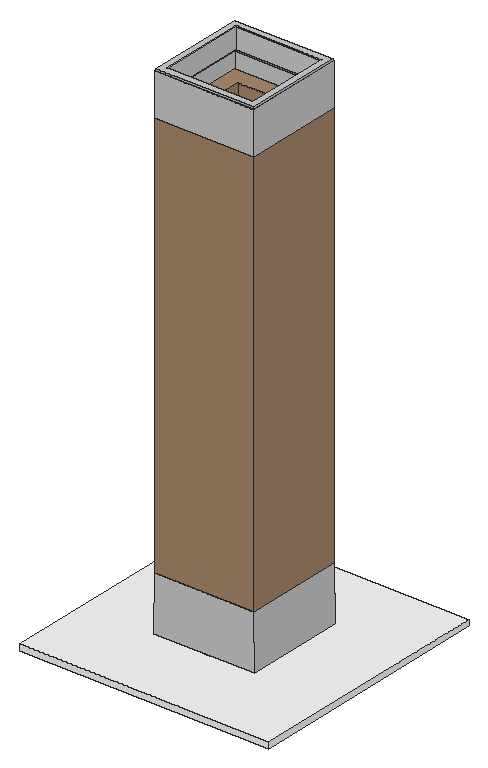
Revit family "BE_84466_de_DE", category Leuchten, Revit 2020
Family settings
  Basisbauteil = Fläche
  Bemaßung runder Anschluss = Durchmesser verwenden
  Teiletyp = Normal
  Beim Laden mit Abzugskörper schneiden = Ja
  Lichtquelle = Nein
  Gemeinsam genutzt = Nein
  Raumberechnungspunkt = Ja
Parameters (values of type "BEGA_84466_Silber")
  Default Elevation = 0 mm
  Umgebungstemperatur = ""
  URL = "https://www.bega.com/de/produkt/84466"
  Typenkommentare = "© 2022 BEGA. Wir behalten uns das Recht vor, technische Änderungen ohne vorherige Ankündigung vorzunehmen."  # constant formula
  Typenbild = 84466.png
  Spannung = 0 V
  Sonderanfertigung = no
  Seriennummer [instance] = "Hier können Sie die eindeutige Seriennummer für das Facility Management eintragen."
  Schutzklasse = ""
  Schutzart = ""
  Scheinlast = 0 VA
  Produktdatenblatt = "https://cdn.bega.com/bega/products/84466A/current/documents/data-sheets/de"
  Oberflächentemperatur = ""
  Modell = "84466A"
  Material_38 = BEGA_Holz
  Material_17 = BEGA_Reflektor
  Material_15 = BEGA_Leuchtmedium_matt
  Material_11 = BEGA_Glas_opal
  Material_09 = BEGA_Glas_klar
  Material_06 = BEGA_Oberfläche_Edelstahl_gebürstet
  Material_03 = BEGA_Oberfläche_Weiss_matt
  Material_02 = BEGA_Oberfläche_Silber_matt
  Material_01 [instance] = BEGA_Oberfläche_Grafit_matt
  M_W = no
  M_G = no
  M_A = yes
  Logo = 0
  Leuchtenanzahl = ""
  Lastklassifizierung = Beleuchtung
  Hersteller = "BEGA"  # constant formula
  Halbstreuwinkel = ""
  Gewicht = "9.3 kg"
  Gebrauchslageneinschränkung [instance] = ""
  Energieeffizienzklasse = ""
  ENEC = ""
  Dimmbar [instance] = "on/off"
  CE_Konformität = "ja"
  Bestellnummer = "84466A"
  Beschreibung_Sonderanfertigung = "Hier können Sie Informationen zur Sonderanfertigung eintragen."
  Beschreibung = "Pollerleuchtenrohr"
  Befestigungsbohrung = ""
  Befestigungsabstand = ""
  Ballwurfsicher = ""
  BEGA_Intern_aus = yes
  BEGA_Intern_an = yes
  BEGA_Intern_Konstruktion = yes
  BEGA_Intern = yes
  BEGA_IES = yes
  BEGA_Dummy = no
  Anschlussleitung = ""
  Anschlusskasten = ""
  Aktualisierung = "2022-05-19T04:00:07"
  Abstand_zur_angestrahlten_Fläche [instance] = ""
Types (2, lengths in mm): name | Modell | M_G | M_A | Bestellnummer
  BEGA_84466_Grafit | "84466" | yes | no | "84466"
  BEGA_84466_Silber | "84466A" | no | yes | "84466A"
Reference planes
  plane 1 "Mitte (Vorne/Hinten)": y = 0
  plane 2: z = 0
  plane 3 "Mitte (Links/Rechts)": x = 0
  plane 4 "Links": x = -80.768
  plane 5 "Rechts": x = 80.768
  plane 6 "Unten": y = -80.768
  plane 7 "Oben": y = 80.768
  plane 8 "Vorne": z = 817
  plane 9 "Hinten": z = 0
Forms (mm)
  Extrusion 1, solid, material "BEGA_Platte_Weiss"
    sketch origin (0, -1119.2, 0) x (1, 0, 0) y (0, 1, 0)
      loop
        line (-200, 1319.2) -> (-200, 919.2) -> (200, 919.2) -> (200, 1319.2) -> (-200, 1319.2)
    from 0 to -10
  Extrusion 2, solid, material "BEGA_Dummy_matt", visible <- "BEGA_Dummy"
    sketch origin (80.095, -76.023, 0) x (1, 0, 0) y (0, 1, 0)
      loop
        line (-160.863, 156.791) -> (-160.863, -4.745) -> (0.673, -4.745) -> (0.673, 156.791) -> (-160.863, 156.791)
    from 0 to 817
Dimensions and locks
  plane 1 "Mitte (Vorne/Hinten)" to Extrusion 1 = 200 mm
  aligned and locked: plane 2 to Extrusion 1
  aligned and locked: level to Extrusion 1
Nested families
  nested 1: "BE_84466" at (0, 0, 0), type "BE_84466"
Connectors
  electrical at (0, 0, 0), driven by "Lastklassifizierung", driven by "Spannung", driven by "Scheinlast"
    settings: index 1, voltage 0 V, apparent load 0 VA, apparent load phase1 0 VA, apparent load phase2 0 VA, apparent load phase3 0 VA, power factor 1, load classification "Beleuchtung", number of poles 1, system type 31, power factor state 1, is connector primary yes, connector utility no, sub classification motor no, connector description ""
Definition of nested family "BE_84466"
  Parameters (values of type "BE_84466")
    Default Elevation = 1 mm
    URL = "http://www.bega.de/de/produkt"
    Type Comments = "© 2015 BEGA. Wir behalten uns das Recht vor, technische Änderungen ohne vorherige Ankündigung vorzunehmen. "  # constant formula
    Type Image = (empty or 0)
    Neigungswinkel_um_Z2 = 0.00°
    Neigungswinkel_um_Z1 = 0.00°
    Neigungswinkel_um_Y2 = 0.00°
    Neigungswinkel_um_Y1 = 0.00°
    Neigungswinkel_um_X2 = 0.00°
    Neigungswinkel_um_X1 = 0.00°
    Material_38 = none
    Material_17 = none
    Material_15 = none
    Material_11 = none
    Material_09 = none
    Material_06 = none
    Material_02 = none
    Material_01 = none
    M_W = yes
    M_G = yes
    M_A = yes
    Länge_Platte = 200 mm  # constant formula
    Höhe_Platte = -10 mm  # constant formula
    Manufacturer = "BEGA"  # constant formula
    Drehwinkel_um_Z2 = 0.00°
    Drehwinkel_um_Z1 = 0.00°
    Breite_Platte = 200 mm  # constant formula
  Reference planes
    plane 1 "Mitte (Oben/Unten)": y = 0
    plane 2: z = 0
    plane 3 "Mitte (Links/Rechts)": x = 0
    plane 4 "Vorne": z = 817
    plane 5 "Hinten": z = 0
    plane 6 "Links": x = -80.768
    plane 7 "Rechts": x = 80.768
    plane 8 "Oben": y = 80.768
    plane 9 "Unten": y = -80.768
  Forms (mm)
    Extrusion 1, solid, detail levels medium
      sketch origin (0, 0, 0) x (1, 0, 0) y (0, 1, 0)
        loop
          line (-100, 100) -> (-100, -100) -> (100, -100) -> (100, 100) -> (-100, 100)
      from 0 to -10 <- "Höhe_Platte"
    Revolve 2, solid, material <- "Material_01", visible <- "M_G"
      sketch origin (0, 0, 0) x (1, 0, 0) y (0, 0, 1)
        loop
          line (-70, 32.961) -> (-60.25, 23.211) -> (-60.25, 7.25) -> (-76, 6.7) -> (-76, 0) -> (-21.529, 0) -> (-21.529, 5.5) -> (-52.685, 5.5)
          arc (-52.685, 5.5) -> (-54.062, 6.049) -> (-54.682, 7.395) r 2
          line (-54.682, 7.395) -> (-56.349, 39.2) -> (-70, 39.2) -> (-70, 32.961)
        axis (0, 39.2) -> (0, 0)
      angle from 0 to 360
    Sweep 3, solid, material <- "Material_01", visible <- "M_G"
      path origin (0, 0, 0) x (1, 0, 0) y (0, 1, 0)
        loop
          line (-80.768, 80.768) -> (-80.768, -80.768) -> (80.768, -80.768) -> (80.768, 80.768) -> (-80.768, 80.768)
      profile origin (-80.768, 0, 0) x (1, 0, 0) y (0, 0, 1)
        loop
          line (3.768, 4) -> (3.861, 6.668) -> (8.768, 6.84) -> (11.567, 87) -> (3.768, 87) -> (3.593, 92) -> (0.768, 92) -> (0, 4) -> (3.768, 4)
    Sweep 4, solid, material <- "Material_38"
      path origin (0, 0, 0) x (1, 0, 0) y (0, 1, 0)
        loop
          line (-80.768, 80.768) -> (-80.768, -80.768) -> (80.768, -80.768) -> (80.768, 80.768) -> (-80.768, 80.768)
      profile origin (-80.768, 0, 0) x (1, 0, 0) y (0, 0, 1)
        loop
          line (0.768, 92.2) -> (4.768, 92.2) -> (4.768, 87.7) -> (30.768, 87.7) -> (30.768, 750.3) -> (4.768, 750.3) -> (4.768, 745.8) -> (0.768, 745.8) -> (0.768, 92.2)
    Sweep 5, solid, material <- "Material_01", visible <- "M_G"
      path origin (0, 0, 0) x (1, 0, 0) y (0, 1, 0)
        loop
          line (-80.768, 80.768) -> (-80.768, -80.768) -> (80.768, -80.768) -> (80.768, 80.768) -> (-80.768, 80.768)
      profile origin (-80.768, 0, 0) x (1, 0, 0) y (0, 0, 1)
        loop
          line (0.768, 746) -> (3.768, 746) -> (3.768, 774) -> (13.449, 783.681) -> (12.335, 815.57)
          arc (12.335, 815.57) -> (12.145, 816.355) -> (11.659, 817) r 2
          line (11.659, 817) -> (1.768, 817) -> (1.768, 814) -> (0.768, 814) -> (0.768, 746)
    Revolve 6, solid, material <- "Material_02", visible <- "M_A"
      sketch origin (0, 0, 0) x (1, 0, 0) y (0, 0, 1)
        loop
          line (-70, 32.961) -> (-60.25, 23.211) -> (-60.25, 7.25) -> (-76, 6.7) -> (-76, 0) -> (-21.529, 0) -> (-21.529, 5.5) -> (-52.685, 5.5)
          arc (-52.685, 5.5) -> (-54.062, 6.049) -> (-54.682, 7.395) r 2
          line (-54.682, 7.395) -> (-56.349, 39.2) -> (-70, 39.2) -> (-70, 32.961)
        axis (0, 39.2) -> (0, 0)
      angle from 0 to 360
    Sweep 7, solid, material <- "Material_02", visible <- "M_A"
      path origin (0, 0, 0) x (1, 0, 0) y (0, 1, 0)
        loop
          line (-80.768, 80.768) -> (-80.768, -80.768) -> (80.768, -80.768) -> (80.768, 80.768) -> (-80.768, 80.768)
      profile origin (-80.768, 0, 0) x (1, 0, 0) y (0, 0, 1)
        loop
          line (3.768, 4) -> (3.861, 6.668) -> (8.768, 6.84) -> (11.567, 87) -> (3.768, 87) -> (3.593, 92) -> (0.768, 92) -> (0, 4) -> (3.768, 4)
    Sweep 8, solid, material <- "Material_02", visible <- "M_A"
      path origin (0, 0, 0) x (1, 0, 0) y (0, 1, 0)
        loop
          line (-80.768, 80.768) -> (-80.768, -80.768) -> (80.768, -80.768) -> (80.768, 80.768) -> (-80.768, 80.768)
      profile origin (-80.768, 0, 0) x (1, 0, 0) y (0, 0, 1)
        loop
          line (0.768, 746) -> (3.768, 746) -> (3.768, 774) -> (13.449, 783.681) -> (12.335, 815.57)
          arc (12.335, 815.57) -> (12.145, 816.355) -> (11.659, 817) r 2
          line (11.659, 817) -> (1.768, 817) -> (1.768, 814) -> (0.768, 814) -> (0.768, 746)
    Extrusion 9, solid, material <- "Material_01", visible <- "M_G"
      sketch origin (0, 0, 0) x (1, 0, 0) y (0, 1, 0)
        loop
          line (-77.175, -77.175) -> (77.175, -77.175) -> (77.175, 76.907) -> (-77.175, 76.907) -> (-77.175, -77.175)
        loop
          circle (0, 0) r 76
      from 4 to 39.355
    Extrusion 10, solid, material <- "Material_02", visible <- "M_A"
      sketch origin (0, 0, 0) x (1, 0, 0) y (0, 1, 0)
        loop
          line (-77.175, -77.175) -> (77.175, -77.175) -> (77.175, 76.907) -> (-77.175, 76.907) -> (-77.175, -77.175)
        loop
          circle (0, 0) r 76
      from 4 to 39.355
  Dimensions and locks
    equal spacing: Extrusion 1 sketch curve, plane 3 "Mitte (Links/Rechts)", Extrusion 1 sketch curve
    equal spacing: Extrusion 1 sketch curve, plane 1 "Mitte (Oben/Unten)", Extrusion 1 sketch curve
    "Länge_Platte": Extrusion 1 sketch curve to Extrusion 1 sketch curve
    "Breite_Platte": Extrusion 1 sketch curve to Extrusion 1 sketch curve
    aligned and locked: plane 2 to Extrusion 1
    aligned and locked: level to Extrusion 1
  Automatic sketch dimensions
    level to Revolve 2 sketch curve = 7.5 mm
    Revolve 2 sketch curve to Revolve 2 sketch curve = 31.7 mm
    level to Revolve 2 sketch curve = 6.7 mm
    Revolve 2 sketch curve to Revolve 2 sketch curve = 23.315 mm
    level to Revolve 2 sketch curve = 32.961 mm
    level to Revolve 2 sketch curve = 7.25 mm
    Revolve 2 sketch curve to Revolve 2 sketch curve = 7.565 mm
    level to Revolve 2 sketch curve = 23.211 mm
    Revolve 2 sketch curve to Revolve 2 sketch curve = 9.75 mm
    Revolve 2 sketch curve to Revolve 2 sketch curve = 13.651 mm
    level to Revolve 2 sketch curve = 7.395 mm
    Revolve 2 sketch curve to Revolve 2 sketch curve = 1.997 mm
    Revolve 2 sketch curve to Revolve 2 sketch curve = 0 mm  (x4)
    Revolve 2 sketch curve to Revolve 2 sketch curve = 31.156 mm
    level to Revolve 2 sketch curve = 0 mm
    Revolve 2 sketch curve to plane 3 "Mitte (Links/Rechts)" = 21.529 mm
    Revolve 2 sketch curve to Revolve 2 sketch curve = 5.5 mm
    Sweep 3 sketch curve to plane 1 "Mitte (Oben/Unten)" = 80.768 mm
    profile plane to Sweep 3 sketch curve = 0 mm
    level to Sweep 3 sketch curve = 4 mm
    Sweep 3 sketch curve to profile plane = 0.768 mm
    Sweep 3 sketch curve to profile plane = 3.768 mm  (x2)
    Sweep 3 sketch curve to Sweep 3 sketch curve = 88 mm
    Sweep 3 sketch curve to Sweep 3 sketch curve = 0.093 mm
    Sweep 3 sketch curve to Sweep 3 sketch curve = 4.907 mm
    Sweep 3 sketch curve to profile plane = 11.567 mm
    Sweep 3 sketch curve to Sweep 3 sketch curve = 2.668 mm
    Sweep 3 sketch curve to Sweep 3 sketch curve = 0.171 mm
    Sweep 3 sketch curve to Sweep 3 sketch curve = 5 mm
    Sweep 3 sketch curve to Sweep 3 sketch curve = 2.825 mm
    plane 3 "Mitte (Links/Rechts)" to Sweep 3 sketch curve = 80.768 mm
    plane 1 "Mitte (Oben/Unten)" to Sweep 3 sketch curve = 80.768 mm
    Sweep 3 sketch curve to plane 3 "Mitte (Links/Rechts)" = 80.768 mm
    plane 1 "Mitte (Oben/Unten)" to Sweep 4 sketch curve = 80.768 mm
    Sweep 4 sketch curve to plane 3 "Mitte (Links/Rechts)" = 80.768 mm
    plane 3 "Mitte (Links/Rechts)" to Sweep 4 sketch curve = 80.768 mm
    Sweep 4 sketch curve to plane 1 "Mitte (Oben/Unten)" = 80.768 mm
    Sweep 4 sketch curve to profile plane = 0.768 mm
    level to Sweep 4 sketch curve = 92.2 mm
    Sweep 4 sketch curve to Sweep 4 sketch curve = 4 mm
    Sweep 4 sketch curve to Sweep 4 sketch curve = 653.6 mm
    Sweep 4 sketch curve to Sweep 4 sketch curve = 4.5 mm  (x2)
    Sweep 4 sketch curve to profile plane = 4.768 mm
    Sweep 4 sketch curve to Sweep 4 sketch curve = 26 mm
    plane 1 "Mitte (Oben/Unten)" to Sweep 5 sketch curve = 80.768 mm
    plane 3 "Mitte (Links/Rechts)" to Sweep 5 sketch curve = 80.768 mm
    Sweep 5 sketch curve to plane 3 "Mitte (Links/Rechts)" = 80.768 mm
    Sweep 5 sketch curve to plane 1 "Mitte (Oben/Unten)" = 80.768 mm
    Sweep 5 sketch curve to profile plane = 0.768 mm
    level to Sweep 5 sketch curve = 746 mm
    Sweep 5 sketch curve to Sweep 5 sketch curve = 3 mm
    Sweep 5 sketch curve to profile plane = 1.768 mm
    Sweep 5 sketch curve to Sweep 5 sketch curve = 8.569 mm
    Sweep 5 sketch curve to Sweep 5 sketch curve = 1.5 mm  (x2)
    Sweep 5 sketch curve to Sweep 5 sketch curve = 1.323 mm
    Sweep 5 sketch curve to Sweep 5 sketch curve = 0.676 mm
    Sweep 5 sketch curve to Sweep 5 sketch curve = 0 mm  (x2)
    Sweep 5 sketch curve to Sweep 5 sketch curve = 9.681 mm  (x2)
    Sweep 5 sketch curve to Sweep 5 sketch curve = 31.889 mm
    Sweep 5 sketch curve to Sweep 5 sketch curve = 28 mm
    Revolve 6 sketch curve to level = 0 mm
    Revolve 6 sketch curve to plane 3 "Mitte (Links/Rechts)" = 0 mm
    level to Revolve 6 sketch curve = 5.5 mm
    Revolve 6 sketch curve to plane 3 "Mitte (Links/Rechts)" = 21.529 mm
    level to Revolve 6 sketch curve = 7.5 mm
    Revolve 6 sketch curve to Revolve 6 sketch curve = 31.156 mm
    Revolve 6 sketch curve to Revolve 6 sketch curve = 3.664 mm
    Revolve 6 sketch curve to Revolve 6 sketch curve = 3.901 mm
    Revolve 6 sketch curve to Revolve 6 sketch curve = 13.651 mm
    level to Revolve 6 sketch curve = 6.7 mm
    Revolve 6 sketch curve to Revolve 6 sketch curve = 15.75 mm
    level to Revolve 6 sketch curve = 7.25 mm
    Revolve 6 sketch curve to Revolve 6 sketch curve = 15.961 mm
    Revolve 6 sketch curve to Revolve 6 sketch curve = 9.75 mm
    Revolve 6 sketch curve to Revolve 6 sketch curve = 6.239 mm
    Revolve 6 sketch curve to Revolve 6 sketch curve = 0 mm  (x4)
    Revolve 6 sketch curve to Revolve 6 sketch curve = 1.997 mm
    level to Revolve 6 sketch curve = 7.395 mm
    Revolve 6 sketch curve to plane 5 "Hinten" = 174.158 mm
    plane 4 "Vorne" to Revolve 6 sketch curve = 208.432 mm
    Sweep 7 sketch curve to plane 3 "Mitte (Links/Rechts)" = 80.768 mm
    plane 3 "Mitte (Links/Rechts)" to Sweep 7 sketch curve = 80.768 mm
    plane 1 "Mitte (Oben/Unten)" to Sweep 7 sketch curve = 80.768 mm
    Sweep 7 sketch curve to plane 1 "Mitte (Oben/Unten)" = 80.768 mm
    profile plane to Sweep 7 sketch curve = 0 mm
    Sweep 7 sketch curve to profile plane = 0.768 mm
    Sweep 7 sketch curve to Sweep 7 sketch curve = 2.825 mm
    Sweep 7 sketch curve to profile plane = 3.768 mm  (x2)
    Sweep 7 sketch curve to Sweep 7 sketch curve = 0.093 mm
    Sweep 7 sketch curve to Sweep 7 sketch curve = 4.907 mm
    Sweep 7 sketch curve to Sweep 7 sketch curve = 7.799 mm
    level to Sweep 7 sketch curve = 4 mm
    Sweep 7 sketch curve to Sweep 7 sketch curve = 2.668 mm
    Sweep 7 sketch curve to Sweep 7 sketch curve = 0.171 mm
    Sweep 7 sketch curve to Sweep 7 sketch curve = 80.16 mm
    Sweep 7 sketch curve to Sweep 7 sketch curve = 5 mm
    Sweep 8 sketch curve to plane 3 "Mitte (Links/Rechts)" = 80.768 mm
    plane 3 "Mitte (Links/Rechts)" to Sweep 8 sketch curve = 80.768 mm
    plane 1 "Mitte (Oben/Unten)" to Sweep 8 sketch curve = 80.768 mm
    Sweep 8 sketch curve to plane 1 "Mitte (Oben/Unten)" = 80.768 mm
    Sweep 8 sketch curve to profile plane = 0.768 mm
    Sweep 8 sketch curve to profile plane = 1.768 mm
    Sweep 8 sketch curve to Sweep 8 sketch curve = 3 mm  (x2)
    Sweep 8 sketch curve to Sweep 8 sketch curve = 8.569 mm
    Sweep 8 sketch curve to Sweep 8 sketch curve = 1.323 mm
    Sweep 8 sketch curve to profile plane = 13.449 mm
    level to Sweep 8 sketch curve = 746 mm
    Sweep 8 sketch curve to Sweep 8 sketch curve = 28 mm
    Sweep 8 sketch curve to Sweep 8 sketch curve = 9.681 mm
    Sweep 8 sketch curve to Sweep 8 sketch curve = 30.319 mm
    Sweep 8 sketch curve to Sweep 8 sketch curve = 1.5 mm
    Sweep 8 sketch curve to Sweep 8 sketch curve = 0.676 mm
    Sweep 8 sketch curve to Sweep 8 sketch curve = 0 mm  (x2)
    Extrusion 9 sketch curve to plane 3 "Mitte (Links/Rechts)" = 77.175 mm
    plane 3 "Mitte (Links/Rechts)" to Extrusion 9 sketch curve = 77.175 mm
    plane 1 "Mitte (Oben/Unten)" to Extrusion 9 sketch curve = 77.175 mm
    Extrusion 9 sketch curve to plane 1 "Mitte (Oben/Unten)" = 76.907 mm
    Extrusion 9 sketch curve to Extrusion 9 sketch curve = 0 mm  (x2)
    plane 1 "Mitte (Oben/Unten)" to Extrusion 9 sketch curve = 0 mm
    Extrusion 9 sketch curve to plane 3 "Mitte (Links/Rechts)" = 0 mm
    Extrusion 9 sketch curve to Extrusion 9 sketch curve = 76 mm
    Extrusion 10 sketch curve to Extrusion 10 sketch curve = 0 mm  (x2)
    plane 1 "Mitte (Oben/Unten)" to Extrusion 10 sketch curve = 0 mm
    Extrusion 10 sketch curve to plane 3 "Mitte (Links/Rechts)" = 0 mm
    Extrusion 10 sketch curve to plane 3 "Mitte (Links/Rechts)" = 77.175 mm
    plane 3 "Mitte (Links/Rechts)" to Extrusion 10 sketch curve = 77.175 mm
    plane 1 "Mitte (Oben/Unten)" to Extrusion 10 sketch curve = 77.175 mm
    Extrusion 10 sketch curve to plane 1 "Mitte (Oben/Unten)" = 76.907 mm
    Extrusion 10 sketch curve to Extrusion 10 sketch curve = 76 mm
